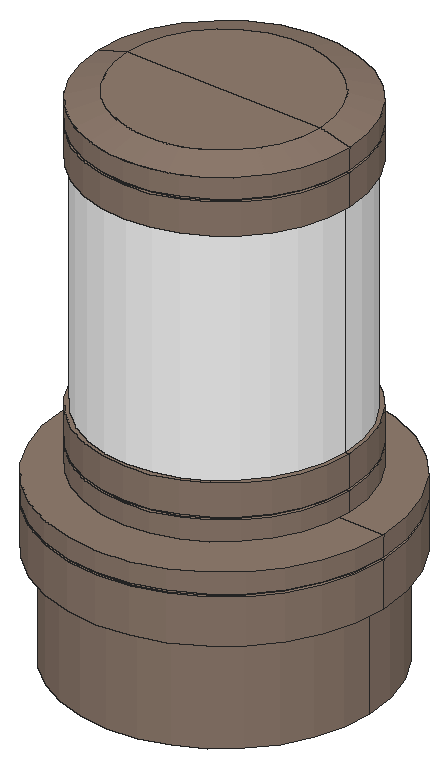
Revit family "BL4701", category Generic Models, Revit 2014
Parameters
  TOP CAP = Bronze, Architectural
  LENS = Acrylic
  BODY = Bronze, Architectural
Reference planes (in)
  plane 1 "Center (Front/Back)": y = 0
  plane 2: z = 0
  plane 3 "Center (Left/Right)": x = 0
Forms (in)
  Revolve 1, solid, material "Bronze, Architectural" <- "BODY"
    sketch origin (0, 0, 0) x (1, 0, 0) y (0, 0, 1)
      loop
        line (0, 5.125) -> (0, 0) -> (3.3125, 0) -> (3.3125, 2.25) -> (3.625, 2.25) -> (3.625, 3.25) -> (3.5625, 3.25) -> (3.5625, 3.3125) -> (3.625, 3.3125) -> (3.625, 3.75) -> (2.1875, 3.75) -> (2.84375, 3.9375) -> (2.84375, 4.375) -> (2.78125, 4.375) -> (2.78125, 4.4375) -> (2.84375, 4.4375) -> (2.84375, 5.125) -> (0, 5.125)
      axis (0, 5.125) -> (0, 0)
    angle from 0 to 360
  Revolve 2, solid, material "Bronze, Architectural" <- "TOP CAP"
    sketch origin (0, 0, 0) x (1, 0, 0) y (0, 0, 1)
      loop
        line (0, 11.51964) -> (0, 10.14464) -> (2.84375, 10.14464) -> (2.84375, 10.83214) -> (2.78125, 10.83214) -> (2.78125, 10.89464) -> (2.84375, 10.89464) -> (2.84375, 11.33214) -> (2.1875, 11.51964) -> (0, 11.51964)
      axis (0, 11.51964) -> (0, 10.14464)
    angle from 0 to 360
  Revolve 3, solid, material "Acrylic" <- "LENS"
    sketch origin (0, 0, 0) x (1, 0, 0) y (0, 0, 1)
      loop
        line (-2.75, 5.125) -> (0, 5.125) -> (0, 10.14464) -> (-2.75, 10.14464) -> (-2.75, 5.125)
      axis (0, 10.14464) -> (0, 5.125)
    angle from 0 to 360
Dimensions and locks (in)
  aligned and locked: plane 2 to level
